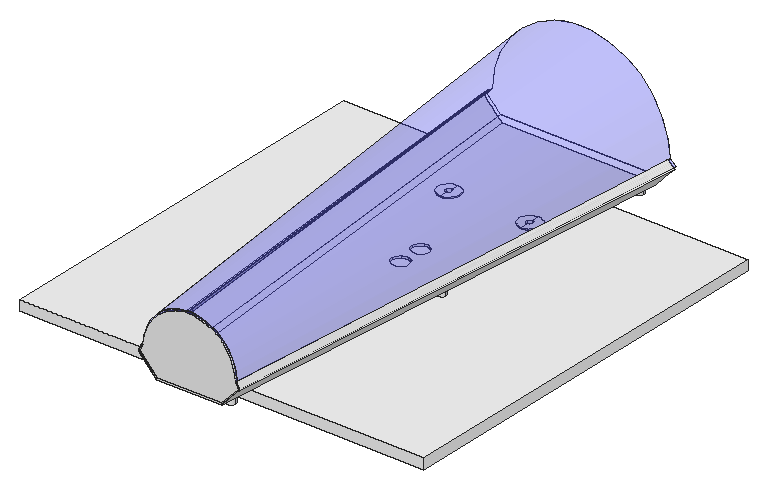
Revit family "BE_50127.1_de_DE", category Leuchten, Revit 2015
Parameters (values of type "BEGA_50127.1_K4")
  built-in parameter 1150104 = 13.22 (stored number, unit not read)
  Wattage = 19.6 W
  Default Elevation = 0 mm
  built-in parameter 1150113 = 1 (stored number, unit not read)
  built-in parameter 1114218 = 1 (stored number, unit not read)
  Umgebungstemperatur = ""
  URL = "http://www.bega.de/produkt/50127.1"
  Typenkommentare = "© 2017 BEGA. Wir behalten uns das Recht vor, technische Änderungen ohne vorherige Ankündigung vorzunehmen."  # constant formula
  built-in parameter 1150134 = 12
  built-in parameter 1150109 = 1 (stored number, unit not read)
  Strom = ""
  built-in parameter 1150110 = 1 (stored number, unit not read)
  Spannung = 239.996 V
  Sonderanfertigung = no
  Seriennummer [instance] = "Hier können Sie die eindeutige Seriennummer für das Facility Management eintragen."
  Schutzklasse = "I"
  Schutzart = "IP 20"
  Scheinlast = 0 VA
  Produktdatenblatt = "http://www.bega.de/download/Xrfa/db/50127.1.db.de.pdf"
  Oberflächentemperatur = ""
  Neigungswinkel = 0.00°
  Modell = "50127.1K4"
  Material_17 = BEGA_Reflektor
  Material_15 = BEGA_Leuchtmedium_matt
  Material_11 = BEGA_Glas_opal
  Material_09 = BEGA_Glas_klar
  Material_06 = BEGA_Oberfläche_Edelstahl_gebürstet
  Material_05 = BEGA_Oberfläche_Aluminium Guss
  Material_03 = BEGA_Oberfläche_Weiss_matt
  Material_02 = BEGA_Oberfläche_Silber_matt
  Material_01 [instance] = BEGA_Oberfläche_Grafit_matt
  M_W = no
  M_G = no
  M_A = no
  Logo = 0
  built-in parameter 1114217 = 1 (stored number, unit not read)
  built-in parameter 1150139 = (empty or 0)
  built-in parameter 1150105 = 221.95 (stored number, unit not read)
  built-in parameter 1150114 = 1 (stored number, unit not read)
  Lumens = 2789.08 lm
  built-in parameter 1150115 = 1 (stored number, unit not read)
  Leuchtenlichtstrom = "1715 lm"
  Leuchtenanzahl = ""
  Lebensdauerkriterien = "L70B50 @ 25 °C = 315000 h"
  Lastklassifizierung = Beleuchtung
  built-in parameter 1150112 = 1 (stored number, unit not read)
  Lampenlichtstrom = "2790 lm"
  Lampe = "LED 19.6 W"
  LED_Modulbezeichnung = "2x LED-0574/940"
  Hersteller = "BEGA"  # constant formula
  Halbstreuwinkel = ""
  Gewicht = "2.54 kg"
  Gebrauchslageneinschränkung [instance] = ""
  Frequenz = "0/50-60 Hz"
  Farbwiedergabeindex = "Ra > 90"
  Farbtemperaturverschiebung bei Dämpfen der Lampe = <Keine Auswahl>
  Farbtemperatur = "4000 K"
  Color Filter = 16777215
  built-in parameter 1150133 = 10 (stored number, unit not read)
  Energieeffizienzklasse = "LED A++ - A"
  built-in parameter 1150137 = (empty or 0)
  built-in parameter 1150132 = (empty or 0)
  ENEC = ""
  Dimmbar [instance] = "DALI"
  Datei für fotometrisches Netz = "BE_50127K4.IES"
  CE_Konformität = "ja"
  Bestellnummer = "50127.1K4"
  Beschreibung_Sonderanfertigung = "Hier können Sie Informationen zur Sonderanfertigung eintragen."
  Beschreibung = "Wandleuchte"
  built-in parameter 1150106 = 2.2195 (stored number, unit not read)
  Befestigungsbohrung = "Ø 5,5 mm"
  Befestigungsabstand = "80 mm"
  Ballwurfsicher = ""
  BEGA_Intern_aus = yes
  BEGA_Intern_an = yes
  BEGA_Intern_Konstruktion = yes
  BEGA_Intern = yes
  BEGA_IES = yes
  BEGA_Dummy = no
  Anschlussleitung = ""
  Anschlussleistung [instance] = "22.7 W"
  Anschlusskasten = ""
  built-in parameter 1150107 = 4000 (stored number, unit not read)
  built-in parameter 1150102 = (empty or 0)
  built-in parameter 1150138 = (empty or 0)
  Aktualisierung = "2017-09-22T04:10:28"
  Abstand_zur_angestrahlten_Fläche [instance] = ""
  AC/DC = "AC/DC"
Types (2, lengths in mm): name | built-in parameter 1150104 | built-in parameter 1150134 | Modell | built-in parameter 1150105 | Lumens | Leuchtenlichtstrom | Lampenlichtstrom | LED_Modulbezeichnung | Farbtemperatur | Datei für fotometrisches Netz | Bestellnummer | built-in parameter 1150106 | built-in parameter 1150107
  BEGA_50127.1_K4 | 13.22 (stored number, unit not read) | 12 | "50127.1K4" | 221.95 (stored number, unit not read) | 2789.08 lm | "1715 lm" | "2790 lm" | "2x LED-0574/940" | "4000 K" | "BE_50127K4.IES" | "50127.1K4" | 2.2195 (stored number, unit not read) | 4000 (stored number, unit not read)
  BEGA_50127.1_K3 | 12.746 (stored number, unit not read) | (empty or 0) | "50127.1" | 213.99 (stored number, unit not read) | 2689.12 lm | "1654 lm" | "2690 lm" | "2x LED-0574/930" | "3000 K" | "BE_50127.IES" | "50127.1" | 2.1399 (stored number, unit not read) | 3000 (stored number, unit not read)
Reference planes
  plane 1 "Mitte (Vorne/Hinten)": y = 0
  plane 2: z = 0
  plane 3 "Mitte (Links/Rechts)": x = 0
  plane 4 "Links": x = -95.135
  plane 5 "Rechts": x = 95.135
  plane 6 "Unten": y = -240.45
  plane 7 "Oben": y = 244.55
  plane 8 "Vorne": z = 117.28
  plane 9 "Hinten": z = 0
Forms (mm)
  Extrusion 1, solid, material "BEGA_Platte_Weiss"
    sketch origin (0, -1119.2, 0) x (1, 0, 0) y (0, 1, 0)
      loop
        line (-200, 1319.2) -> (-200, 919.2) -> (200, 919.2) -> (200, 1319.2) -> (-200, 1319.2)
    from 0 to -10
  Extrusion 2, solid, material "BEGA_Dummy_matt", visible <- "BEGA_Dummy"
    sketch origin (80.095, -76.023, 0) x (1, 0, 0) y (0, 1, 0)
      loop
        line (-175.23, 320.573) -> (-175.23, -164.427) -> (15.04, -164.427) -> (15.04, 320.573) -> (-175.23, 320.573)
    from 0 to 117.28
Dimensions and locks
  plane 1 "Mitte (Vorne/Hinten)" to Extrusion 1 = 200 mm
  aligned and locked: plane 2 to Extrusion 1
  aligned and locked: level to Extrusion 1
Nested families
  nested 1: "BE_50127.1" at (0, 0, 0), type "BE_50127.1"
Connectors
  electrical at (0, 0, 0), driven by "Lastklassifizierung", driven by "Spannung", driven by "Scheinlast"
    settings: index 1, voltage 239.996 V, apparent load 0 VA, apparent load phase1 0 VA, apparent load phase2 0 VA, apparent load phase3 0 VA, power factor 1, load classification "Beleuchtung", number of poles 1, system type 31, power factor state 1, is connector primary yes, connector utility no, sub classification motor no, connector description ""
Definition of nested family "BE_50127.1"
  Parameters (values of type "BE_50127.1")
    Default Elevation = 1 mm
    URL = "http://www.bega.de/de/produkt"
    Type Comments = "© 2015 BEGA. Wir behalten uns das Recht vor, technische Änderungen ohne vorherige Ankündigung vorzunehmen. "  # constant formula
    Type Image = (empty or 0)
    Neigungswinkel_um_Z2 = 0.00°
    Neigungswinkel_um_Z1 = 0.00°
    Neigungswinkel_um_Y2 = 0.00°
    Neigungswinkel_um_Y1 = 0.00°
    Neigungswinkel_um_X2 = 0.00°
    Neigungswinkel_um_X1 = 0.00°
    Material_17 = none
    Material_15 = none
    Material_11 = none
    Material_09 = none
    Material_06 = none
    Material_05 = none
    Material_03 = none
    Material_02 = none
    Material_01 = none
    M_W = yes
    M_G = yes
    M_A = yes
    Länge_Platte = 300 mm  # constant formula
    Höhe_Platte = -10 mm  # constant formula
    Manufacturer = "BEGA"  # constant formula
    Drehwinkel_um_Z2 = 0.00°
    Drehwinkel_um_Z1 = 0.00°
    Breite_Platte = 600 mm  # constant formula
  Reference planes
    plane 1 "Mitte (Oben/Unten)": y = 0
    plane 2: z = 0
    plane 3 "Mitte (Links/Rechts)": x = 0
    plane 4: x = -95.135
    plane 5: x = 95.135
    plane 6: z = 117.28
    plane 7: y = -240.45
    plane 8: y = 244.55
  Forms (mm)
    Extrusion 1, solid, detail levels medium
      sketch origin (0, 0, 0) x (1, 0, 0) y (0, 1, 0)
        loop
          line (-150, 300) -> (-150, -300) -> (150, -300) -> (150, 300) -> (-150, 300)
      from 0 to -10 <- "Höhe_Platte"
    Blend 2, solid, material <- "Material_11", detail levels medium+fine
      base sketch origin (0, 0, 0) x (1, 0, 0) y (0, 0, 1)
        loop
          line (-35.776, 11) -> (35.776, 11) -> (48.961, 24.896) -> (46.65, 29.694)
          arc (46.65, 29.694) -> (0, 76.432) -> (-46.65, 29.694) r 46.65
          line (-46.65, 29.694) -> (-48.961, 24.896) -> (-35.776, 11)
      top sketch origin (0, 0, 0) x (1, 0, 0) y (0, 0, 1)
        loop
          line (-80.161, 11) -> (80.161, 11) -> (93.727, 25.4) -> (87.806, 31.02)
          arc (87.806, 31.02) -> (0, 117.28) -> (-87.806, 31.02) r 87.82
          line (-87.806, 31.02) -> (-93.727, 25.4) -> (-80.161, 11)
      from 239.381 to -244.55
    Extrusion 3, solid, material <- "Material_03", detail levels medium+fine
      sketch origin (0, 0, 0) x (1, 0, 0) y (0, 0, 1)
        loop
          line (-32.456, 7.5) -> (32.456, 7.5) -> (48.961, 24.896) -> (45.602, 31.869)
          arc (45.602, 31.869) -> (0, 75.432) -> (-45.602, 31.869) r 45.65
          line (-45.602, 31.869) -> (-48.961, 24.896) -> (-32.456, 7.5)
      from 239.381 to 240.45
    SweptBlend 4, solid, material <- "Material_03", detail levels medium+fine
      path origin (0, 0, 2) x (0, 1, 0) y (0, 0, -1)
        loop
          line (-240.45, -4.5) -> (240.55, -4.5)
      profile origin (0, -240.45, 6.5) x (0, 0, 1) y (1, 0, 0)
        loop
          line (18.901, -49.44) -> (1, -32.456) -> (1, 32.456) -> (18.901, 49.44) -> (25.078, 46.465) -> (25.416, 47.19) -> (18.751, 50.4) -> (-1, 31.661) -> (-1, -31.661) -> (18.751, -50.4) -> (25.416, -47.19) -> (25.078, -46.465) -> (18.901, -49.44)
      end profile origin (0, 240.55, 6.5) x (0, 0, 1) y (1, 0, 0)
        loop
          line (0, 75.922) -> (18.9, 93.727) -> (24.41, 87.923) -> (25.123, 88.621) -> (18.939, 95.135) -> (-1, 76.351) -> (-1, -76.351) -> (18.939, -95.135) -> (25.123, -88.621) -> (24.41, -87.923) -> (18.9, -93.727) -> (0, -75.922) -> (0, 75.922)
    Extrusion 5, void
      sketch origin (0, 0, 0) x (1, 0, 0) y (0, 1, 0)
        loop
          circle (0, 45.55) r 8.5
        loop
          circle (40, 130.55) r 3
        loop
          circle (-40, 130.55) r 3
        loop
          circle (0, 20.55) r 8.5
      from 0 to 8
    Revolve 6, solid, material <- "Material_03", detail levels medium+fine
      sketch origin (16.805, -224.45, 0) x (1, 0, 0) y (0, 0, 1)
        loop
          line (-49.5, 0) -> (-45.5, 0) -> (-45.5, 5.5) -> (-49.5, 5.5) -> (-49.5, 0)
        axis (-45.5, 5.5) -> (-45.5, 0)
      angle from 0 to 360
    Revolve 7, solid, material <- "Material_03", detail levels medium+fine
      sketch origin (-3.753, 10.539, 0) x (1, 0, 0) y (0, 0, 1)
        loop
          line (-49.5, 0) -> (-45.5, 0) -> (-45.5, 5.5) -> (-49.5, 5.5) -> (-49.5, 0)
        axis (-45.5, 5.5) -> (-45.5, 0)
      angle from 0 to 360
    Revolve 8, solid, material <- "Material_03", detail levels medium+fine
      sketch origin (-23.001, 230.539, 0) x (1, 0, 0) y (0, 0, 1)
        loop
          line (-49.5, 0) -> (-45.5, 0) -> (-45.5, 6.009) -> (-49.5, 6.009) -> (-49.5, 0)
        axis (-45.5, 6.009) -> (-45.5, 0)
      angle from 0 to 360
    Revolve 9, solid, material <- "Material_03", detail levels medium+fine
      sketch origin (-16.805, -224.45, 0) x (-1, 0, 0) y (0, 0, -1)
        loop
          line (-49.5, 0) -> (-49.5, -5.5) -> (-45.5, -5.5) -> (-45.5, 0) -> (-49.5, 0)
        axis (-45.5, -5.5) -> (-45.5, 0)
      angle from 0 to 360
    Revolve 10, solid, material <- "Material_03", detail levels medium+fine
      sketch origin (3.753, 10.539, 0) x (-1, 0, 0) y (0, 0, -1)
        loop
          line (-49.5, 0) -> (-49.5, -5.5) -> (-45.5, -5.5) -> (-45.5, 0) -> (-49.5, 0)
        axis (-45.5, -5.5) -> (-45.5, 0)
      angle from 0 to 360
    Revolve 11, solid, material <- "Material_03", detail levels medium+fine
      sketch origin (23.001, 230.539, 0) x (-1, 0, 0) y (0, 0, -1)
        loop
          line (-49.5, 0) -> (-49.5, -6.009) -> (-45.5, -6.009) -> (-45.5, 0) -> (-49.5, 0)
        axis (-45.5, -6.009) -> (-45.5, 0)
      angle from 0 to 360
    Revolve 12, solid, material <- "Material_03", detail levels medium+fine
      sketch origin (-40, 0, 0) x (0, 1, 0) y (0, 0, 1)
        loop
          line (141.34, 7.434) -> (130.55, 7.434) -> (130.55, 0) -> (135.604, 0)
          arc (135.604, 0) -> (136.854, 0.335) -> (137.769, 1.25) r 2.5
          line (137.769, 1.25) -> (141.34, 7.434)
        axis (130.55, 0) -> (130.55, 7.434)
      angle from 0 to 360
    Revolve 13, solid, material <- "Material_03", detail levels medium+fine
      sketch origin (40, 0, 0) x (0, 1, 0) y (0, 0, -1)
        loop
          line (141.34, -7.434) -> (137.769, -1.25)
          arc (137.769, -1.25) -> (136.854, -0.335) -> (135.604, 0) r 2.5
          line (135.604, 0) -> (130.55, 0) -> (130.55, -7.434) -> (141.34, -7.434)
        axis (130.55, 0) -> (130.55, -7.434)
      angle from 0 to 360
  Cuts and joins
    Extrusion 5 cuts SweptBlend 4
    Extrusion 5 cuts Revolve 12
    Extrusion 5 cuts Revolve 13
    joined: SweptBlend 4, Revolve 6, Revolve 7, Revolve 8, Revolve 9, Revolve 10, Revolve 11, Revolve 12, Revolve 13
    Extrusion 5 cuts Blend 2
  Dimensions and locks
    equal spacing: Extrusion 1 sketch curve, plane 3 "Mitte (Links/Rechts)", Extrusion 1 sketch curve
    equal spacing: Extrusion 1 sketch curve, plane 1 "Mitte (Oben/Unten)", Extrusion 1 sketch curve
    "Länge_Platte": Extrusion 1 sketch curve to Extrusion 1 sketch curve
    "Breite_Platte": Extrusion 1 sketch curve to Extrusion 1 sketch curve
    aligned and locked: Extrusion 1 to plane 2
    aligned and locked: level to Extrusion 1
  Automatic sketch dimensions
    Blend 2 sketch curve to plane 3 "Mitte (Links/Rechts)" = 0 mm  (x2)
    level to Blend 2 sketch curve = 11 mm  (x2)
    Blend 2 sketch curve to plane 3 "Mitte (Links/Rechts)" = 35.776 mm
    Blend 2 sketch curve to Blend 2 sketch curve = 10.874 mm  (x2)
    Blend 2 sketch curve to Blend 2 sketch curve = 2.311 mm  (x2)
    plane 3 "Mitte (Links/Rechts)" to Blend 2 sketch curve = 35.776 mm
    level to Blend 2 sketch curve = 29.694 mm
    Blend 2 sketch curve to Blend 2 sketch curve = 4.798 mm  (x2)
    level to Blend 2 sketch curve = 29.782 mm
    Blend 2 sketch curve to Blend 2 sketch curve = 5.921 mm  (x2)
    Blend 2 sketch curve to Blend 2 sketch curve = 14.4 mm  (x2)
    level to Blend 2 sketch curve = 29.46 mm
    Blend 2 sketch curve to Blend 2 sketch curve = 5.62 mm
    Extrusion 3 sketch curve to plane 3 "Mitte (Links/Rechts)" = 0 mm
    level to Extrusion 3 sketch curve = 7.5 mm
    Extrusion 3 sketch curve to plane 3 "Mitte (Links/Rechts)" = 32.456 mm
    Extrusion 3 sketch curve to Extrusion 3 sketch curve = 13.147 mm  (x2)
    Extrusion 3 sketch curve to Extrusion 3 sketch curve = 3.358 mm  (x2)
    plane 3 "Mitte (Links/Rechts)" to Extrusion 3 sketch curve = 32.456 mm
    level to Extrusion 3 sketch curve = 31.869 mm
    Extrusion 3 sketch curve to Extrusion 3 sketch curve = 6.973 mm  (x2)
    level to Extrusion 3 sketch curve = 29.782 mm
    SweptBlend 4 sketch curve to level = 6.5 mm
    SweptBlend 4 sketch curve to profile plane = 0 mm
    profile plane to SweptBlend 4 sketch curve = 1 mm  (x2)
    SweptBlend 4 sketch curve to profile plane = 18.9 mm  (x2)
    SweptBlend 4 sketch curve to SweptBlend 4 sketch curve = 0.039 mm  (x2)
    SweptBlend 4 sketch curve to SweptBlend 4 sketch curve = 5.51 mm  (x2)
    SweptBlend 4 sketch curve to SweptBlend 4 sketch curve = 0.714 mm  (x2)
    SweptBlend 4 sketch curve to plane 3 "Mitte (Links/Rechts)" = 95.135 mm
    SweptBlend 4 sketch curve to SweptBlend 4 sketch curve = 1.408 mm  (x2)
    SweptBlend 4 sketch curve to SweptBlend 4 sketch curve = 5.106 mm
    SweptBlend 4 sketch curve to SweptBlend 4 sketch curve = 0.698 mm  (x2)
    SweptBlend 4 sketch curve to SweptBlend 4 sketch curve = 17.376 mm
    SweptBlend 4 sketch curve to SweptBlend 4 sketch curve = 0.429 mm  (x2)
    plane 3 "Mitte (Links/Rechts)" to SweptBlend 4 sketch curve = 75.922 mm
    SweptBlend 4 sketch curve to SweptBlend 4 sketch curve = 12.001 mm
    SweptBlend 4 sketch curve to SweptBlend 4 sketch curve = 5.804 mm
    Extrusion 5 sketch curve to plane 3 "Mitte (Links/Rechts)" = 0 mm  (x2)
    Extrusion 5 sketch curve to plane 1 "Mitte (Oben/Unten)" = 20.55 mm
    Extrusion 5 sketch curve to Extrusion 5 sketch curve = 25 mm
    Revolve 6 sketch curve to level = 0 mm  (x2)
    Revolve 6 sketch curve to plane 3 "Mitte (Links/Rechts)" = 32.695 mm
    Revolve 6 sketch curve to Revolve 6 sketch curve = 4 mm
    Revolve 6 sketch curve to Revolve 6 sketch curve = 5.5 mm
    Revolve 6 sketch curve to Revolve 6 sketch curve = 0 mm
    Revolve 6 sketch curve to Revolve 6 sketch curve = 1.215 mm
    Revolve 7 sketch curve to level = 0 mm  (x2)
    Revolve 7 sketch curve to Revolve 7 sketch curve = 4 mm
    Revolve 7 sketch curve to Revolve 7 sketch curve = 5.5 mm
    Revolve 7 sketch curve to Revolve 7 sketch curve = 0 mm
    Revolve 7 sketch curve to Revolve 7 sketch curve = 1.215 mm
    Revolve 8 sketch curve to level = 0 mm  (x2)
    Revolve 8 sketch curve to Revolve 8 sketch curve = 4 mm
    Revolve 8 sketch curve to Revolve 8 sketch curve = 6.009 mm
    Revolve 8 sketch curve to Revolve 8 sketch curve = 0 mm
    Revolve 8 sketch curve to Revolve 8 sketch curve = 1.215 mm
    Revolve 9 sketch curve to level = 0 mm  (x2)
    plane 3 "Mitte (Links/Rechts)" to Revolve 9 sketch curve = 32.695 mm
    Revolve 9 sketch curve to Revolve 9 sketch curve = 4 mm
    Revolve 9 sketch curve to Revolve 9 sketch curve = 5.5 mm
    Revolve 9 sketch curve to Revolve 9 sketch curve = 0 mm
    Revolve 9 sketch curve to Revolve 9 sketch curve = 1.215 mm
    Revolve 10 sketch curve to level = 0 mm  (x2)
    Revolve 10 sketch curve to Revolve 10 sketch curve = 4 mm
    Revolve 10 sketch curve to Revolve 10 sketch curve = 5.5 mm
    Revolve 10 sketch curve to Revolve 10 sketch curve = 0 mm
    Revolve 10 sketch curve to Revolve 10 sketch curve = 1.215 mm
    Revolve 11 sketch curve to level = 0 mm  (x2)
    Revolve 11 sketch curve to Revolve 11 sketch curve = 4 mm
    Revolve 11 sketch curve to Revolve 11 sketch curve = 6.009 mm
    Revolve 11 sketch curve to Revolve 11 sketch curve = 0 mm
    Revolve 11 sketch curve to Revolve 11 sketch curve = 1.215 mm
    Revolve 12 sketch curve to level = 0 mm  (x2)
    Revolve 12 sketch curve to Revolve 12 sketch curve = 5.054 mm
    Revolve 12 sketch curve to Revolve 12 sketch curve = 5.736 mm
    Revolve 12 sketch curve to Revolve 12 sketch curve = 2.5 mm
    Revolve 12 sketch curve to Revolve 12 sketch curve = 4.934 mm
    Revolve 12 sketch curve to Revolve 12 sketch curve = 0 mm  (x2)
    level to Revolve 12 sketch curve = 1.25 mm  (x2)
    Revolve 12 sketch curve to Revolve 12 sketch curve = 3.5 mm
    Revolve 13 sketch curve to level = 0 mm  (x2)
    Revolve 13 sketch curve to Revolve 13 sketch curve = 5.054 mm
    Revolve 13 sketch curve to Revolve 13 sketch curve = 5.736 mm
    Revolve 13 sketch curve to Revolve 13 sketch curve = 2.5 mm
    level to Revolve 13 sketch curve = 7.434 mm
    Revolve 13 sketch curve to Revolve 13 sketch curve = 0 mm  (x2)
    level to Revolve 13 sketch curve = 1.25 mm  (x2)
    Revolve 13 sketch curve to Revolve 13 sketch curve = 3.5 mm
    Blend 2 sketch curve to plane 3 "Mitte (Links/Rechts)" = 80.161 mm
    level to Blend 2 sketch curve = 31.02 mm
    Extrusion 5 sketch curve to plane 3 "Mitte (Links/Rechts)" = 40 mm
    Revolve 7 sketch curve to plane 3 "Mitte (Links/Rechts)" = 53.253 mm
    Revolve 8 sketch curve to plane 3 "Mitte (Links/Rechts)" = 72.501 mm
    Blend 2 sketch curve to Blend 2 sketch curve = 7.645 mm
    Blend 2 sketch curve to Blend 2 sketch curve = 13.566 mm
    plane 3 "Mitte (Links/Rechts)" to Extrusion 5 sketch curve = 40 mm
    plane 3 "Mitte (Links/Rechts)" to Revolve 10 sketch curve = 53.253 mm
    plane 3 "Mitte (Links/Rechts)" to Revolve 11 sketch curve = 72.501 mm
    SweptBlend 4 sketch curve to plane 1 "Mitte (Oben/Unten)" = 240.45 mm
    plane 1 "Mitte (Oben/Unten)" to SweptBlend 4 sketch curve = 240.55 mm
    Extrusion 5 sketch curve to Extrusion 5 sketch curve = 85 mm
    Extrusion 5 sketch curve to Extrusion 5 sketch curve = 0 mm
    Revolve 12 sketch curve to plane 1 "Mitte (Oben/Unten)" = 130.55 mm
    Revolve 13 sketch curve to plane 1 "Mitte (Oben/Unten)" = 130.55 mm
    SweptBlend 4 sketch curve to profile plane = 1 mm
    SweptBlend 4 sketch curve to profile plane = 18.751 mm  (x2)
    SweptBlend 4 sketch curve to SweptBlend 4 sketch curve = 0.15 mm  (x2)
    SweptBlend 4 sketch curve to SweptBlend 4 sketch curve = 6.177 mm  (x2)
    SweptBlend 4 sketch curve to SweptBlend 4 sketch curve = 0.338 mm  (x2)
    SweptBlend 4 sketch curve to plane 3 "Mitte (Links/Rechts)" = 50.4 mm
    SweptBlend 4 sketch curve to SweptBlend 4 sketch curve = 0.96 mm  (x2)
    SweptBlend 4 sketch curve to SweptBlend 4 sketch curve = 2.25 mm
    SweptBlend 4 sketch curve to SweptBlend 4 sketch curve = 0.725 mm  (x2)
    SweptBlend 4 sketch curve to SweptBlend 4 sketch curve = 16.984 mm
    SweptBlend 4 sketch curve to SweptBlend 4 sketch curve = 0.795 mm  (x2)
    plane 3 "Mitte (Links/Rechts)" to SweptBlend 4 sketch curve = 31.661 mm
    SweptBlend 4 sketch curve to SweptBlend 4 sketch curve = 14.009 mm
    SweptBlend 4 sketch curve to SweptBlend 4 sketch curve = 2.975 mm
    radius of Extrusion 5 sketch curve = 8.5 mm  (x2)
    radius of Extrusion 5 sketch curve = 3 mm  (x2)
